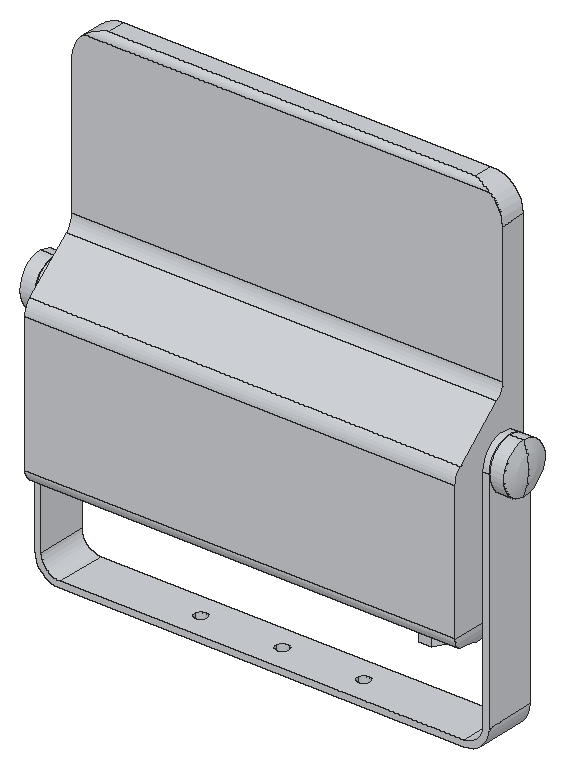
Revit family "63_PHILIPS_Coreline_Tempo_medium-BVP125V_Led120-LD", category Lighting Fixtures, host Face, Revit 2016
Family settings
  Host = Face
  Part Type = Normal
  Round Connector Dimension = Use Diameter
  Cut with Voids When Loaded = No
  Light Source = No
  Shared = Yes
  Room Calculation Point = No
Parameters (values of type "1 xLED260_740 S")
  Width = 389 mm
  URL = "http://www.lighting.philips.com/main/home"
  Type Comments = "Face Based"
  Model = "BVP125V"
  Manufacturer = "Philips"  # constant formula
  Light loss factor = ""
  Lamp = "LAMP TYPE"
  Initial luminous flux (lm) = ""
  Init. Corr. Color Temperature (K) = ""
  Description = "Coreline Tempo medium"
  Default Elevation = 0 mm
  Content Creator = "https://www.cadac.com/bimcontent"
  Constraint_YZ [instance] = if(Angle_YZ < -180.00°, -180.00°, if(Angle_YZ > 30.00°, 30.00°, Angle_YZ))  # 0.00°
  Apparent Load = 0 VA
  Angle_YZ [instance] = 0.00°
Reference planes
  plane 1 "Center (Front/Back)": y = 0
  plane 2: z = 0
  plane 3 "Center (Left/Right)": x = 0
  plane 4 "rotation YZ": z = 200
  plane 5: x = -194.5
  plane 6: x = 194.5
Forms (mm)
  Extrusion 1, solid
    sketch origin (0, 0, 0) x (1, 0, 0) y (0, 0, 1)
      loop
        line (180, 225) -> (175, 225) -> (175, 20)
        arc (175, 20) -> (170.607, 9.393) -> (160, 5) r 15
        line (160, 5) -> (-160, 5)
        arc (-160, 5) -> (-170.607, 9.393) -> (-175, 20) r 15
        line (-175, 20) -> (-175, 225) -> (-180, 225) -> (-180, 20)
        arc (-180, 20) -> (-174.142, 5.858) -> (-160, 0) r 20
        line (-160, 0) -> (160, 0)
        arc (160, 0) -> (174.142, 5.858) -> (180, 20) r 20
        line (180, 20) -> (180, 225)
    from -20 to 20
  Extrusion 2, void
    sketch origin (0, 0, 0) x (0, 1, 0) y (0, 0, 1)
      loop
        line (20, 200) -> (20, 225) -> (-20, 225) -> (-20, 200)
        arc (-20, 200) -> (0, 220) -> (20, 200) r 20
      loop
        circle (0, 200) r 10
    from -180 to 180
  Extrusion 3, void
    sketch origin (0, 0, 0) x (1, 0, 0) y (0, 1, 0)
      loop
        circle (0, 0) r 5
      loop
        circle (64.5, 0) r 5
      loop
        circle (-64.5, 0) r 5
    from 0 to 5
Cuts and joins
  Extrusion 2, Extrusion 3 cuts Extrusion 1
Lines and regions (mm)
  reference lines
    curve 1: line (0, 0, 505) -> (0, 0, 200)
Dimensions and locks
  equal spacing: host sketch curve, plane 1 "Center (Front/Back)", host sketch curve
  equal spacing: host sketch curve, plane 3 "Center (Left/Right)", host sketch curve
  "Width": plane 5 to plane 6
  equal spacing: plane 5, plane 3 "Center (Left/Right)", plane 6
  plane 4 "rotation YZ" to host face = 200 mm  (x2)
  Extrusion 3 sketch curve to Extrusion 3 sketch curve = 129 mm
  equal spacing: Extrusion 3 sketch curve, plane 3 "Center (Left/Right)", Extrusion 3 sketch curve
  "Constraint_YZ": angle curve 1 to plane 1 "Center (Front/Back)"
  aligned and locked: plane 2 to host face
  aligned and locked: level to host face
  aligned and locked: Extrusion 2 to Extrusion 1
  aligned and locked: Extrusion 1 to Extrusion 2
  aligned and locked: Extrusion 1 to Extrusion 3
Automatic sketch dimensions
  Extrusion 1 sketch curve to Extrusion 1 sketch curve = 0 mm  (x4)
  Extrusion 1 sketch curve to level = 0 mm
  plane 5 to Extrusion 1 sketch curve = 14.5 mm
  Extrusion 1 sketch curve to Extrusion 1 sketch curve = 5 mm
  Extrusion 1 sketch curve to Extrusion 1 sketch curve = 15 mm
  plane 6 to Extrusion 1 sketch curve = 34.5 mm
  plane 6 to Extrusion 1 sketch curve = 19.5 mm
  plane 4 "rotation YZ" to Extrusion 1 sketch curve = 25 mm  (x2)
  Extrusion 2 sketch curve to Extrusion 2 sketch curve = 0 mm  (x3)
  Extrusion 2 sketch curve to plane 4 "rotation YZ" = 0 mm  (x3)
  Extrusion 2 sketch curve to plane 1 "Center (Front/Back)" = 0 mm
  plane 1 "Center (Front/Back)" to Extrusion 2 sketch curve = 20 mm
  Extrusion 2 sketch curve to plane 1 "Center (Front/Back)" = 20 mm
  plane 4 "rotation YZ" to Extrusion 2 sketch curve = 25 mm
  plane 1 "Center (Front/Back)" to Extrusion 3 sketch curve = 0 mm  (x3)
  Extrusion 3 sketch curve to plane 3 "Center (Left/Right)" = 0 mm
  curve 1 to plane 1 "Center (Front/Back)" = 0 mm
  curve 1 to plane 4 "rotation YZ" = 0 mm
  radius of Extrusion 2 sketch curve = 10 mm
  radius of Extrusion 3 sketch curve = 5 mm  (x3)
Nested families
  nested 1: "63_PHILIPS_Coreline_tempo_large-BVP130_A" at (0, 0, 200) x (1, 0, 0) z (0, -1, 0), type "63_PHILIPS_Coreline_tempo_large-BVP130_A"
Connectors
  electrical at (0, 0, 0), driven by "Apparent Load"
    settings: index 1, voltage 230 V, apparent load 0 VA, apparent load phase1 0 VA, apparent load phase2 0 VA, apparent load phase3 0 VA, power factor 1, load classification "Lighting", number of poles 1, system type 31, power factor state 1, is connector primary yes, connector utility no, sub classification motor no, connector description ""
Definition of nested family "63_PHILIPS_Coreline_tempo_large-BVP130_A"
  Parameters (values of type "63_PHILIPS_Coreline_tempo_large-BVP130_A")
    Width = 341 mm
    URL = "http://www.lighting.philips.com/main/home"
    Type Comments = "Face Based"
    Model = "MODEL NUMBER"
    Manufacturer = "Philips"  # constant formula
    Light loss factor = ""
    Lamp type = IES : NO IES available
    Lamp = "LAMP TYPE"
    Initial luminous flux (lm) = ""
    Init. Corr. Color Temperature (K) = ""
    Height 01 = 136 mm
    Height = 323 mm
    Description = "MODEL NAME"
    Default Elevation = 0 mm
    Content Creator = "https://www.cadac.com/bimcontent"
  Reference planes
    plane 1 "Center (Front/Back)": y = 0
    plane 2: z = 0
    plane 3 "Center (Left/Right)": x = 0
    plane 4 "bottom": z = -25
    plane 5 "top": z = 42
    plane 6: z = 22
    plane 7: y = -200
    plane 8: y = 187
    plane 9: y = -136
    plane 10: x = -170.5
    plane 11: x = 170.5
  Forms (mm)
    Extrusion 1, solid
      sketch origin (0, 0, 0) x (1, 0, 0) y (0, 1, 0)
        loop
          line (-1000, 960.718) -> (-1000, -960.718) -> (1000, -960.718) -> (1000, 960.718) -> (-1000, 960.718)
      from 0 to -79.658
    Revolve 2, solid
      sketch origin (0, 0, 0) x (1, 0, 0) y (0, 1, 0)
        loop
          line (-195, 0) -> (195, 0)
          arc (195, 0) -> (194.152, 10.141) -> (191.63, 20) r 61.028
          line (191.63, 20) -> (180.5, 20) -> (180.5, 10) -> (-180.5, 10) -> (-180.5, 20) -> (-191.63, 20)
          arc (-191.63, 20) -> (-194.152, 10.141) -> (-195, 0) r 61.028
        axis (195, 0) -> (-195, 0)
      angle from 0 to 360
    Extrusion 3, solid
      sketch origin (0, 0, 0) x (0, 1, 0) y (0, 0, 1)
        loop
          line (187, -25) -> (187, -10)
          arc (187, -10) -> (185.536, -6.464) -> (182, -5) r 5
          line (182, -5) -> (51.779, -5)
          arc (51.779, -5) -> (45.44, -3.595) -> (40.288, 0.358) r 15
          line (40.288, 0.358) -> (9.843, 36.642)
          arc (9.843, 36.642) -> (4.692, 40.595) -> (-1.648, 42) r 15
          line (-1.648, 42) -> (-110.374, 42)
          arc (-110.374, 42) -> (-116.462, 39.934) -> (-120.033, 34.588) r 10
          line (-120.033, 34.588) -> (-136, -25) -> (187, -25)
      from -170.5 to 170.5
    Extrusion 4, void
      sketch origin (0, 0, 0) x (1, 0, 0) y (0, 1, 0)
        loop
          arc (-115.5, 157) -> (-133.178, 149.678) -> (-140.5, 132) r 25
          line (-140.5, 132) -> (-140.5, 51)
          arc (-140.5, 51) -> (-133.178, 33.322) -> (-115.5, 26) r 25
          line (-115.5, 26) -> (115.5, 26)
          arc (115.5, 26) -> (133.178, 33.322) -> (140.5, 51) r 25
          line (140.5, 51) -> (140.5, 132)
          arc (140.5, 132) -> (133.178, 149.678) -> (115.5, 157) r 25
          line (115.5, 157) -> (-115.5, 157)
        loop
          line (-145.5, -134) -> (145.5, -134)
          arc (145.5, -134) -> (161.763, -127.263) -> (168.5, -111) r 23
          line (168.5, -111) -> (168.5, 162)
          arc (168.5, 162) -> (161.763, 178.263) -> (145.5, 185) r 23
          line (145.5, 185) -> (-145.5, 185)
          arc (-145.5, 185) -> (-161.763, 178.263) -> (-168.5, 162) r 23
          line (-168.5, 162) -> (-168.5, -111)
          arc (-168.5, -111) -> (-161.763, -127.263) -> (-145.5, -134) r 23
        loop
          line (-166.5, 162) -> (-166.5, -111)
          arc (-166.5, -111) -> (-160.349, -125.849) -> (-145.5, -132) r 21
          line (-145.5, -132) -> (145.5, -132)
          arc (145.5, -132) -> (160.349, -125.849) -> (166.5, -111) r 21
          line (166.5, -111) -> (166.5, 162)
          arc (166.5, 162) -> (160.349, 176.849) -> (145.5, 183) r 21
          line (145.5, 183) -> (-145.5, 183)
          arc (-145.5, 183) -> (-160.349, 176.849) -> (-166.5, 162) r 21
      from -20 to -25
    Extrusion 5, void
      sketch origin (0, 0, 0) x (1, 0, 0) y (0, 1, 0)
        loop
          arc (145.5, 187) -> (163.178, 179.678) -> (170.5, 162) r 25
          line (170.5, 162) -> (180.5, 162) -> (180.5, 197) -> (-185.5, 197) -> (-185.5, 162) -> (-170.5, 162)
          arc (-170.5, 162) -> (-163.178, 179.678) -> (-145.5, 187) r 25
          line (-145.5, 187) -> (145.5, 187)
        loop
          line (145.5, -136) -> (-145.5, -136)
          arc (-145.5, -136) -> (-163.178, -128.678) -> (-170.5, -111) r 25
          line (-170.5, -111) -> (-185.5, -111) -> (-185.5, -146) -> (180.5, -146) -> (180.5, -111) -> (170.5, -111)
          arc (170.5, -111) -> (163.178, -128.678) -> (145.5, -136) r 25
      from -25 to 250
    Extrusion 6, solid
      sketch origin (0, -136, 274.226) x (0, 0, 1) y (-1, 0, 0)
        loop
          line (-274.226, -130.338) -> (-265.566, -125.338) -> (-265.566, -115.338) -> (-274.226, -110.338) -> (-282.887, -115.338) -> (-282.887, -125.338) -> (-274.226, -130.338)
      from -12.868 to 10.187
    Extrusion 7, solid
      sketch origin (0, 0, 0) x (1, 0, 0) y (0, 1, 0)
        loop
          circle (152.413, 164.578) r 5
        loop
          circle (-152.413, 164.578) r 5
        loop
          circle (152.413, -113.578) r 5
        loop
          circle (-152.413, -113.578) r 5
      from -28.247 to -25
  Cuts and joins
    Extrusion 4, Extrusion 5 cuts Revolve 2
    Extrusion 4, Extrusion 5 cuts Extrusion 3
    joined: Revolve 2, Extrusion 3, Extrusion 6
  Dimensions and locks
    equal spacing: Extrusion 1 sketch curve, plane 1 "Center (Front/Back)", Extrusion 1 sketch curve
    equal spacing: Extrusion 1 sketch curve, plane 3 "Center (Left/Right)", Extrusion 1 sketch curve
    plane 4 "bottom" to plane 6 = 47 mm
    plane 4 "bottom" to plane 5 "top" = 67 mm
    plane 4 "bottom" to Extrusion 1 = 25 mm
    equal spacing: plane 10, plane 3 "Center (Left/Right)", plane 11
    "Width": plane 10 to plane 11
    "Height": plane 9 to plane 8
    "Height 01": plane 9 to plane 1 "Center (Front/Back)"
    Extrusion 7 to plane 4 "bottom" = 3.247 mm
    aligned and locked: plane 2 to Extrusion 1
    aligned and locked: level to Extrusion 1
    aligned and locked: plane 5 "top" to Extrusion 3
    aligned and locked: cut or joined group of Revolve 2, Extrusion 3, Extrusion 4, Extrusion 5, Extrusion 6 to plane 10
    aligned and locked: cut or joined group of Revolve 2, Extrusion 3, Extrusion 4, Extrusion 5, Extrusion 6 to plane 11
    aligned and locked: Extrusion 7 to plane 4 "bottom"
  Automatic sketch dimensions
    Revolve 2 sketch curve to plane 1 "Center (Front/Back)" = 0 mm
    plane 1 "Center (Front/Back)" to Revolve 2 sketch curve = 0 mm
    Revolve 2 sketch curve to plane 10 = 24.5 mm
    Revolve 2 sketch curve to plane 1 "Center (Front/Back)" = 20 mm
    Revolve 2 sketch curve to Revolve 2 sketch curve = 3.37 mm
    Revolve 2 sketch curve to plane 10 = 10 mm
    plane 11 to Revolve 2 sketch curve = 36.528 mm
    Revolve 2 sketch curve to plane 11 = 10 mm
    Revolve 2 sketch curve to Revolve 2 sketch curve = 11.13 mm
    Revolve 2 sketch curve to Revolve 2 sketch curve = 14.5 mm
    Revolve 2 sketch curve to Revolve 2 sketch curve = 10 mm
    Revolve 2 sketch curve to Revolve 2 sketch curve = 1329.5 mm
    Revolve 2 sketch curve to Revolve 2 sketch curve = 0 mm
    plane 4 "bottom" to Extrusion 3 sketch curve = 0 mm
    Extrusion 3 sketch curve to plane 9 = 0 mm
    Extrusion 3 sketch curve to plane 5 "top" = 0 mm
    Extrusion 3 sketch curve to plane 8 = 0 mm
    Extrusion 3 sketch curve to plane 5 "top" = 7.412 mm
    Extrusion 3 sketch curve to plane 9 = 15.967 mm
    Extrusion 3 sketch curve to Extrusion 3 sketch curve = 9.659 mm
    plane 1 "Center (Front/Back)" to Extrusion 3 sketch curve = 1.648 mm
    Extrusion 3 sketch curve to plane 5 "top" = 5.358 mm
    Extrusion 3 sketch curve to plane 1 "Center (Front/Back)" = 9.843 mm
    level to Extrusion 3 sketch curve = 0.358 mm
    Extrusion 3 sketch curve to plane 1 "Center (Front/Back)" = 40.288 mm
    Extrusion 3 sketch curve to Extrusion 3 sketch curve = 11.491 mm
    plane 8 to Extrusion 3 sketch curve = 5 mm
    Extrusion 3 sketch curve to level = 10 mm
    Extrusion 4 sketch curve to Extrusion 4 sketch curve = 0 mm  (x8)
    plane 10 to Extrusion 4 sketch curve = 2 mm
    Extrusion 4 sketch curve to Extrusion 4 sketch curve = 2 mm
    plane 8 to Extrusion 4 sketch curve = 2 mm
    plane 10 to Extrusion 4 sketch curve = 25 mm  (x2)
    Extrusion 4 sketch curve to plane 9 = 4 mm
    plane 10 to Extrusion 4 sketch curve = 30 mm
    Extrusion 4 sketch curve to plane 1 "Center (Front/Back)" = 26 mm
    Extrusion 4 sketch curve to Extrusion 4 sketch curve = 25 mm  (x3)
    plane 11 to Extrusion 4 sketch curve = 55 mm  (x2)
    plane 11 to Extrusion 4 sketch curve = 25 mm  (x2)
    plane 11 to Extrusion 4 sketch curve = 4 mm
    Extrusion 4 sketch curve to Extrusion 4 sketch curve = 30 mm
    Extrusion 5 sketch curve to plane 10 = 0 mm  (x2)
    plane 9 to Extrusion 5 sketch curve = 0 mm
    plane 8 to Extrusion 5 sketch curve = 0 mm
    Extrusion 5 sketch curve to plane 11 = 0 mm  (x2)
    Extrusion 5 sketch curve to Extrusion 5 sketch curve = 15 mm
    Extrusion 5 sketch curve to plane 10 = 15 mm
    Extrusion 5 sketch curve to Extrusion 5 sketch curve = 25 mm  (x2)
    plane 10 to Extrusion 5 sketch curve = 25 mm
    Extrusion 5 sketch curve to plane 9 = 25 mm
    Extrusion 5 sketch curve to plane 11 = 10 mm  (x2)
    plane 9 to Extrusion 5 sketch curve = 10 mm
    Extrusion 5 sketch curve to plane 8 = 10 mm
    Extrusion 6 sketch curve to level = 0 mm  (x2)
    Extrusion 6 sketch curve to level = 8.66 mm
    level to Extrusion 6 sketch curve = 8.66 mm
    plane 11 to Extrusion 6 sketch curve = 40.162 mm
    Extrusion 6 sketch curve to Extrusion 6 sketch curve = 5 mm  (x3)
    Extrusion 6 sketch curve to Extrusion 6 sketch curve = 10 mm  (x2)
    plane 10 to Extrusion 7 sketch curve = 18.087 mm  (x2)
    plane 11 to Extrusion 7 sketch curve = 18.087 mm  (x2)
    Extrusion 7 sketch curve to plane 9 = 22.422 mm  (x2)
    plane 8 to Extrusion 7 sketch curve = 22.422 mm  (x2)
    radius of Extrusion 7 sketch curve = 5 mm  (x4)
